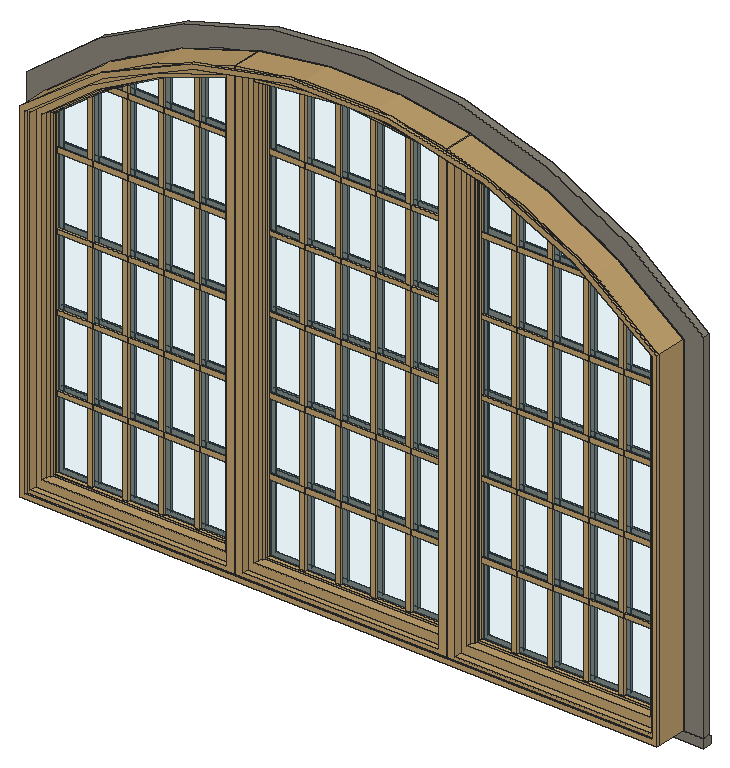
Revit family
Parameters (values of type "3W CUCART25/6/26")
  Window Type = "Clad Ultimate Casement Round Top 3W RT25/6/26"
  Width Side Unit = (Width - Width Center Unit - (Mull Space * 2)) / 2  # 2' - 8"
  Width Center Unit = 2' - 8"
  URL = "www.marvin.com"
  Swing Offset 2 = Arc Height Center + 0' 0 3/8"  # 0' - 2.27755"
  Swing Offset = Arc Height Side + 0' 1 5/32"  # 0' - 3.0588"
  Subsill Height_2 = if(Subsill A217, 0' 1 11/32", 0' 0 9/16")  # 0' - 1 11/32"
  Subsill Height = if(Subsill A217 Visibility, 0' 1 11/32", if(Subsill A246 Visibility, 0' 0 9/16", 0' 0"))  # 0' - 1 11/32"
  Subsill A246 Visibility = and(Subsill Visibility, Subsill A246)  # no
  Subsill A217 Visibility = and(Subsill Visibility, Subsill A217)  # yes
  RO Radius Constraint = if(RO Radius > (Rough Width / 2) + 0' 2", RO Radius, (Rough Width / 2) + 0' 2")  # 6' - 0 1/2"
  RO Radius = 6' - 0 1/2"
  Plan Swing Angle [instance] = 15.00°
  Muntins Interior Visibility = yes
  Muntins Interior Material = Wood-Marvin-Pine
  Muntins Exterior Visibility = yes
  Muntins Exterior Material = Aluminum-Marvin-Bronze
  Mull Space visibility = Mull Space > 0' 0"  # no
  Mull Space = 0' - 0"
  Mull Offset = if(Mull Space > 0' 0", 0' 0", 0' 0 1/32")  # 0' - 0 1/32"
  Mask Offset [instance] = if(Inset to Installation Flange = 0' 1 3/32", 0' 0 1/32", 0' 0")  # 0' - 0"
  Lites Wide Side = 5
  Lites Wide Center = 5
  Lites High = 6
  Label Egress = if(and(Width > 2' 3 1/8", Height > 4' 5"), "EGRESS WDW", "")  # "EGRESS WDW"
  Interior Material = Wood-Marvin-Pine
  Frame = "Aluminum Clad"
  Flat Casing Visibility = and(Casing Visibility, Flat Casing)  # yes
  Egress Window = ""
  Design Pressure = "DP50"
  Daylight Area = ((DLO Height - DLO Arc Height) * DLO Width + DLO Segment Area) - (((0' 5 13/16" + Mull Space) * 2) * DLO Height Center)  # 32.4799 SF
  DLO Width Center = Width Center Unit - 0' 5 13/16"  # 2' - 2 3/16"
  DLO Width = Width - 0' 5 13/16"  # 7' - 6 3/16"
  DLO Height Center = Height - Arc Height Center - 0' 5 13/16"  # 5' - 3.40995"
  DLO Arc Height = DLO Radius - sqrt((DLO Radius ^ 2) - ((DLO Width / 2) ^ 2))  # 1' - 4.74396"
  Cladding Material = Aluminum-Marvin-Bronze
  Center Offset = Width Center Unit + (Mull Space * 2)  # 2' - 8"
  Casing Width_2 = if(BMC, 0' 1 5/16", 0' 3")  # 0' - 3"
  Casing Visibility = yes
  Subsill Visibility = yes
  BMC Visibility = and(Casing Visibility, BMC)  # no
  BMC = no
  Flat Casing = not(BMC)  # yes
  Subsill A246 = no
  Subsill A217 = not(Subsill A246)  # yes
  Plan Swing RH Center Unit [instance] = no
  Plan Swing LH Center Unit [instance] = no
  Plan Swing Side Units [instance] = yes
  Glazing Material = Glass-Marvin-IG Low E II with Argon
  Radius = RO Radius Constraint - 0' 0 1/2"  # 6' - 0"
  Nominal Width = 8' - 0"
  Nominal Height = 6' - 0"
  Model = "3W CUCART25/6/26"
  Mask [instance] = Inset to Installation Flange > 0' 1 3/32"  # no
  Manufacturer = "Marvin Windows and Doors"
  Label Visibility = no
  Glass Type = "IG Low E II with Argon"
  Family created by = "www.rbuiltcomponents.com"
  Rough Width = Width + 0' 1"  # 8' - 1"
  Rough Height = Height + 0' 0 1/2"  # 5' - 11 5/8"
  Jamb Extension Visibility = yes
  Inset to Installation Flange [instance] = 0' - 1"
  Height = Nominal Height - 0' 0 7/8"  # 5' - 11 1/8"
  Elev Swing RH Center Unit [instance] = no
  Elev Swing LH Center Unit [instance] = no
  Elev Swing Side Units [instance] = yes
  Description = "3W CSMT RT25/6/26"
  Default Head Height = 8' - 0"
  Wall Closure = (empty or 0)
  Width = Nominal Width  # 8' - 0"
  DLO Radius = Radius - 0' 2 29/32"  # 5' - 9 3/32"
  DLO Width Side = Width Side Unit - 0' 5 13/16"  # 2' - 2 3/16"
  DLO Height = Height - 0' 5 13/16"  # 5' - 5 5/16"
  Casing Width = if(BMC Visibility, 0' 1 5/16", if(Flat Casing Visibility, 0' 3", 0' 0"))  # 0' - 3"
  Casing Radius = Radius + Casing Width  # 6' - 3"
  Assembly Code = ""
  DLO Segment Area = ((DLO Radius ^ 2) / 2 * ((3.1416 / 180) * Angle Sector2 - sin(Angle Sector)) / 2) * 2  # 7.18032 SF
  Arc Height Swing = RO Radius Constraint - sqrt((RO Radius Constraint ^ 2) - (((Rough Width - Width Side Unit) / 2) ^ 2))  # 0' - 7.69259"
  Arc Height Side = RO Radius Constraint - sqrt((RO Radius Constraint ^ 2) - (((Width Center Unit + (Mull Space * 2) + 0' 1") / 2) ^ 2))  # 0' - 1.90255"
  Arc Height Center = RO Radius Constraint - sqrt((RO Radius Constraint ^ 2) - (((Width Center Unit + 0' 1") / 2) ^ 2))  # 0' - 1.90255"
  Arc Height = RO Radius Constraint - sqrt((RO Radius Constraint ^ 2) - ((Rough Width / 2) ^ 2))  # 1' - 6.61123"
  Angle Sector2 = Angle Sector * 1 / 1.00°  # 81.4828
  Angle Sector = 2 * acos((DLO Radius - DLO Arc Height) / DLO Radius)  # 81.4828°
Reference planes (in)
  plane 1 "Center (Front/Back)": y = 0
  plane 2: z = 0
  plane 3 "Center (Left/Right)": x = -3
  plane 4 "Left": x = -51
  plane 5 "Right": x = 45
  plane 6 "Sill": z = 24.875
  plane 7 "Top": z = 96
  plane 8 "Inset": y = 2
  plane 9 "Glazing": y = 1.53125
  plane 10 "Jamb Ext Face": y = -2.5625
  plane 11: z = 77.8887743
  plane 12: z = 60.4375
  plane 13: z = 96.5
  plane 14: x = 45.5
  plane 15: x = -51.5
  plane 16: z = 51.3818872
  plane 17: x = 29
  plane 18: x = -35
  plane 19: x = 13
  plane 20: x = -19
  plane 21: x = -19
  plane 22: x = 13
  plane 23: y = -2.59375
Forms (in)
  Extrusion 1, void
    sketch origin (0, 0, 0) x (1, 0, 0) y (0, 0, 1)
      loop
        line (45, 24.875) -> (45, 77.6656315)
        arc (45, 77.6656315) -> (-3, 96) -> (-51, 77.6656315) r 72
        line (-51, 77.6656315) -> (-51, 24.875) -> (45, 24.875)
    from -2 to 3
  Extrusion 2, void
    sketch origin (0, 0, 0) x (1, 0, 0) y (0, 0, 1)
      loop
        line (48, 23.53125) -> (48, 78.9909083)
        arc (48, 78.9909083) -> (-3, 99) -> (-54, 78.9909083) r 75
        line (-54, 78.9909083) -> (-54, 23.53125) -> (48, 23.53125)
    from -2 to -3.1275557
  Sweep 3, solid, material "Aluminum-Marvin-Bronze" <- "Cladding Material", visible <- "BMC Visibility"
    path origin (0, 2, 0) x (1, 0, 0) y (0, 0, 1)
      loop
        line (45, 24.875) -> (45, 77.6656315)
        arc (45, 77.6656315) -> (-3, 96) -> (-51, 77.6656315) r 72
        line (-51, 77.6656315) -> (-51, 24.875)
    profile "BMC_Clad : BMC_Clad" origin (-51, 2, 51.2703157) x (1, 0, 0) y (0, -1, 0)
      loop
        line (-0.7158854, -1.25) -> (-0.3808062, -1.09375) -> (0, -1.09375) -> (0, 0) -> (-1.3125, 0) -> (-1.3125, -1.25) -> (-0.7158854, -1.25)
  Sweep 4, solid, material "Aluminum-Marvin-Bronze" <- "Cladding Material", visible <- "Flat Casing Visibility"
    path origin (0, 2, 0) x (1, 0, 0) y (0, 0, 1)
      loop
        line (-51, 24.875) -> (-51, 77.6656315)
        arc (-51, 77.6656315) -> (-3, 96) -> (45, 77.6656315) r 72
        line (45, 77.6656315) -> (45, 24.875)
    profile "Flat_Casing_Clad : Flat_Casing_Clad" origin (45, 2, 51.2703157) x (1, 0, 0) y (0, -1, 0)
      loop
        line (3, -1.09375) -> (3, 0) -> (0, 0) -> (0, -1.09375) -> (3, -1.09375)
  Sweep 5, solid, material "Aluminum-Marvin-Bronze" <- "Cladding Material", visible <- "Subsill Visibility"
    path origin (0, 2, 0) x (1, 0, 0) y (0, 0, 1)
      loop
        line (48, 24.875) -> (-54, 24.875)
    profile origin (-3, 2, 24.875) x (0, 0, -1) y (0, -1, 0)
      loop
        line (0, 0) -> (0, -1.0940081) -> (0.1526523, -1.0940081) -> (0.1875, -1.34375) -> (1.34375, -1.34375) -> (1.34375, 0) -> (0, 0)
  Extrusion 6, solid, material "Wood-Marvin-Pine" <- "Interior Material", visible <- "Jamb Extension Visibility"
    sketch origin (0, -2.5625, 0) x (1, 0, 0) y (0, 0, 1)
      loop
        line (-51, 24.875) -> (45, 24.875) -> (45, 77.6656315)
        arc (45, 77.6656315) -> (-3, 96) -> (-51, 77.6656315) r 72
        line (-51, 77.6656315) -> (-51, 24.875)
      loop
        arc (44.3125, 77.3193838) -> (-3, 95.2841451) -> (-50.3125, 77.3193838) r 71.2841451
        line (-50.3125, 77.3193838) -> (-50.3125, 25.5625) -> (44.3125, 25.5625) -> (44.3125, 77.3193838)
    from 0.4375 to 0.03125
  Extrusion 7, solid, material "Wood-Marvin-Pine" <- "Interior Material", visible <- "Mull Space visibility"
    sketch origin (0, -2.5625, 0) x (1, 0, 0) y (0, 0, 1)
      loop
        arc (-18.96875, 94.2068303) -> (-19.0000016, 94.1997147) -> (-19.03125, 94.1925852) r 72
        line (-19.03125, 94.1925852) -> (-19.03125, 24.875) -> (-18.96875, 24.875) -> (-18.96875, 94.2068303)
      loop
        line (12.96875, 94.2068303) -> (12.96875, 24.875) -> (13.03125, 24.875) -> (13.03125, 94.1925852)
        arc (13.03125, 94.1925852) -> (13.0000016, 94.1997147) -> (12.96875, 94.2068303) r 72
    from -5.6565081 to 0
  Sweep 8, solid, material "Wood-Marvin-Pine" <- "Interior Material"
    path origin (0, 2, 0) x (1, 0, 0) y (0, 0, 1)
      loop
        line (13, 24.875) -> (45, 24.875) -> (45, 77.6656315)
        arc (45, 77.6656315) -> (30.0506275, 87.9660536) -> (13, 94.1997151) r 72
        line (13, 94.1997151) -> (13, 24.875)
    profile "Profile_Ext_Clad_Frame : Profile_Ext_Clad_Frame" origin (29, 2, 24.875) x (0, 0, 1) y (0, -1, 0)
      loop
        line (0, 4.5619919) -> (0, 0.0625) -> (0.0625, 0.0625) -> (0.0625, 0) -> (0, 0) -> (0, -1.0940081) -> (0.5210547, -1.0940081) -> (0.6062961, 0.125) -> (2.696, 0.125) -> (2.696, 0.2201744) -> (2.90625, 0.4304244) -> (2.90625, 0.4729672) -> (2.208, 0.4729672) -> (2.208, 1.5029919) -> (2.90625, 1.5029919) -> (2.90625, 1.6637419) -> (2.677, 1.8929919) -> (2.677, 2) -> (2.5005, 2) -> (2.5005, 2.3439919) -> (2.313, 2.3439919) -> (2.313, 2.8744919) -> (2.1255, 2.8744919) -> (2.1255, 3.5307419) -> (1.188, 3.5307419) -> (1.188, 4.5619919) -> (0, 4.5619919)
  Sweep 9, solid, material "Wood-Marvin-Pine" <- "Interior Material"
    path origin (0, 2, 0) x (1, 0, 0) y (0, 0, 1)
      loop
        line (-19, 24.875) -> (-19, 94.1997151)
        arc (-19, 94.1997151) -> (-36.0506275, 87.9660536) -> (-51, 77.6656315) r 72
        line (-51, 77.6656315) -> (-51, 24.875) -> (-19, 24.875)
    profile "Profile_Ext_Clad_Frame : Profile_Ext_Clad_Frame" origin (-19, 2, 59.5373575) x (-1, 0, 0) y (0, -1, 0)
      loop
        line (0, 4.5619919) -> (0, 0.0625) -> (0.0625, 0.0625) -> (0.0625, 0) -> (0, 0) -> (0, -1.0940081) -> (0.5210547, -1.0940081) -> (0.6062961, 0.125) -> (2.696, 0.125) -> (2.696, 0.2201744) -> (2.90625, 0.4304244) -> (2.90625, 0.4729672) -> (2.208, 0.4729672) -> (2.208, 1.5029919) -> (2.90625, 1.5029919) -> (2.90625, 1.6637419) -> (2.677, 1.8929919) -> (2.677, 2) -> (2.5005, 2) -> (2.5005, 2.3439919) -> (2.313, 2.3439919) -> (2.313, 2.8744919) -> (2.1255, 2.8744919) -> (2.1255, 3.5307419) -> (1.188, 3.5307419) -> (1.188, 4.5619919) -> (0, 4.5619919)
  Extrusion 10, solid, material "Glass-Marvin-IG Low E II with Argon" <- "Glazing Material"
    sketch origin (0, 1.53125, 0) x (1, 0, 0) y (0, 0, 1)
      loop
        line (42.792, 27.083) -> (42.792, 76.6689282)
        arc (42.792, 76.6689282) -> (29.8339338, 85.5861677) -> (15.208, 91.3750102) r 69.792
        line (15.208, 91.3750102) -> (15.208, 27.083) -> (42.792, 27.083)
      loop
        line (-21.208, 27.083) -> (-21.208, 91.3750102)
        arc (-21.208, 91.3750102) -> (-35.8339338, 85.5861677) -> (-48.792, 76.6689282) r 69.792
        line (-48.792, 76.6689282) -> (-48.792, 27.083) -> (-21.208, 27.083)
      loop
        line (10.792, 27.083) -> (10.792, 92.4156707)
        arc (10.792, 92.4156707) -> (-3, 93.792) -> (-16.792, 92.4156707) r 69.792
        line (-16.792, 92.4156707) -> (-16.792, 27.083) -> (10.792, 27.083)
    from 0 to 1.0342419
  Sweep 11, solid, material "Wood-Marvin-Pine" <- "Interior Material"
    path in 3D
      loop
        line (-48.8745, -1.5307419, 27.0005) -> (-21.1255, -1.5307419, 27.0005)
    profile "Profile_Sill_Close : Profile_Sill_Close" origin (-35, -1.5307419, 27.0005) x (0, 1, 0) y (0, 0, 1)
      loop
        line (0, 0) -> (0.65625, 0) -> (0.65625, 0.1875) -> (1.18675, 0.1875) -> (1.18675, 0.375) -> (0, 0.375) -> (0, 0)
  Sweep 12, solid, material "Wood-Marvin-Pine" <- "Interior Material"
    path in 3D
      loop
        line (15.1255, -1.5307419, 27.0005) -> (42.8745, -1.5307419, 27.0005)
    profile "Profile_Sill_Close : Profile_Sill_Close" origin (29, -1.5307419, 27.0005) x (0, 1, 0) y (0, 0, 1)
      loop
        line (0, 0) -> (0.65625, 0) -> (0.65625, 0.1875) -> (1.18675, 0.1875) -> (1.18675, 0.375) -> (0, 0.375) -> (0, 0)
  Sweep 13, solid, material "Wood-Marvin-Pine" <- "Interior Material"
    path origin (0, 2, 0) x (1, 0, 0) y (0, 0, 1)
      loop
        line (-19, 24.875) -> (13, 24.875) -> (13, 94.1997151)
        arc (13, 94.1997151) -> (-3, 96) -> (-19, 94.1997151) r 72
        line (-19, 94.1997151) -> (-19, 24.875)
    profile "Profile_Ext_Clad_Frame : Profile_Ext_Clad_Frame" origin (-3, 2, 24.875) x (0, 0, 1) y (0, -1, 0)
      loop
        line (0, 4.5619919) -> (0, 0.0625) -> (0.0625, 0.0625) -> (0.0625, 0) -> (0, 0) -> (0, -1.0940081) -> (0.5210547, -1.0940081) -> (0.6062961, 0.125) -> (2.696, 0.125) -> (2.696, 0.2201744) -> (2.90625, 0.4304244) -> (2.90625, 0.4729672) -> (2.208, 0.4729672) -> (2.208, 1.5029919) -> (2.90625, 1.5029919) -> (2.90625, 1.6637419) -> (2.677, 1.8929919) -> (2.677, 2) -> (2.5005, 2) -> (2.5005, 2.3439919) -> (2.313, 2.3439919) -> (2.313, 2.8744919) -> (2.1255, 2.8744919) -> (2.1255, 3.5307419) -> (1.188, 3.5307419) -> (1.188, 4.5619919) -> (0, 4.5619919)
  Sweep 14, solid, material "Wood-Marvin-Pine" <- "Interior Material"
    path in 3D
      loop
        line (-16.8745, -1.5307419, 27.0005) -> (10.8745, -1.5307419, 27.0005)
    profile "Profile_Sill_Close : Profile_Sill_Close" origin (-3, -1.5307419, 27.0005) x (0, 1, 0) y (0, 0, 1)
      loop
        line (0, 0) -> (0.65625, 0) -> (0.65625, 0.1875) -> (1.18675, 0.1875) -> (1.18675, 0.375) -> (0, 0.375) -> (0, 0)
Cuts and joins
  joined: Sweep 9, Sweep 11
  joined: Sweep 8, Sweep 12
  joined: Sweep 13, Sweep 14
Lines and regions (in)
  Masking region 1
    outline origin (0, 0, 24.875) x (0, -1, 0) y (1, 0, 0)
      loop
        line (-3.0940081, -51) -> (2.5625, -51) -> (2.5625, 45) -> (-3.0940081, 45) -> (-3.0940081, -51)
  Masking region 2
    outline origin (-3, 0, 0) x (0, 1, 0) y (0, 0, 1)
      loop
        line (3.09375, 96) -> (-2.5625, 96) -> (-2.5625, 24.875) -> (3.09375, 24.875) -> (3.09375, 96)
  Masking region 3, visible <- "Mask"
    outline origin (0, 0, 24.875) x (0, -1, 0) y (1, 0, 0)
      loop
        line (-3.0940081, -54) -> (-3, -54) -> (-3, 48) -> (-3.0940081, 48) -> (-3.0940081, -54)
  Masking region 4, visible <- "Mask"
    outline origin (-3, 0, 0) x (0, 1, 0) y (0, 0, 1)
      loop
        line (3.09375, 99) -> (3, 99) -> (3, 23.53125) -> (3.09375, 23.53125) -> (3.09375, 99)
  Masking region 5, visible <- "Casing Visibility"
    outline origin (0, 0, 24.875) x (0, -1, 0) y (1, 0, 0)
      loop
        line (-3.0940081, -54) -> (-2, -54) -> (-2, -51) -> (-3.0940081, -51) -> (-3.0940081, -54)
      loop
        line (-3.0940081, 45) -> (-2, 45) -> (-2, 48) -> (-3.0940081, 48) -> (-3.0940081, 45)
  Masking region 6, visible <- "Subsill Visibility"
    outline origin (-3, 0, 0) x (0, 1, 0) y (0, 0, 1)
      loop
        line (3.34375, 23.53125) -> (3.34375, 24.6875) -> (3.0940081, 24.7223477) -> (3.0940081, 24.875) -> (2, 24.875) -> (2, 23.53125) -> (3.34375, 23.53125)
  Masking region 7, visible <- "Casing Visibility"
    outline origin (-3, 0, 0) x (0, 1, 0) y (0, 0, 1)
      loop
        line (3.09375, 99) -> (2, 99) -> (2, 96) -> (3.09375, 96) -> (3.09375, 99)
  Masking region 8
    outline origin (0, 0, 24.875) x (0, -1, 0) y (1, 0, 0)
      loop
        line (2.59375, -51) -> (3, -51) -> (3, 45) -> (2.59375, 45) -> (2.59375, -51)
  Masking region 9
    outline origin (-3, 0, 0) x (0, 1, 0) y (0, 0, 1)
      loop
        line (-2.59375, 96) -> (-3, 96) -> (-3, 24.875) -> (-2.59375, 24.875) -> (-2.59375, 96)
  symbolic lines, style "Jamb Extension", visible <- "Jamb Extension Visibility", detail levels fine
    curve 1: line (-3, -3, 95.3125) -> (-3, -2.59375, 95.3125)
    curve 2: line (-3, -3, 25.5625) -> (-3, -2.59375, 25.5625)
    curve 48: line (-50.3125, -2.59375, 24.875) -> (-50.3125, -3, 24.875)
    curve 49: line (44.3125, -3, 24.875) -> (44.3125, -2.59375, 24.875)
    curve 50: line (45, -3, 24.875) -> (44.3125, -3, 24.875)
    curve 51: line (-50.3125, -3, 24.875) -> (-51, -3, 24.875)
  symbolic lines, style "WindowsFrameMullionProjection", detail levels coarse+medium
    curve 3: line (45, -2.5625, 24.875) -> (43.812, -2.5625, 24.875)
    curve 4: line (43.812, -2.5625, 24.875) -> (43.812, 3.0940081, 24.875)
    curve 5: line (43.812, 3.0940081, 24.875) -> (45, 3.0940081, 24.875)
    curve 6: line (43.812, 1.875, 24.875) -> (42.09375, 1.875, 24.875)
    curve 7: line (42.09375, 1.875, 24.875) -> (42.09375, 0, 24.875)
    curve 8: line (-49.812, 0, 24.875) -> (-48.09375, 0, 24.875)
    curve 9: line (-51, -2.5625, 24.875) -> (-49.812, -2.5625, 24.875)
    curve 10: line (-49.812, -2.5625, 24.875) -> (-49.812, 3.0940081, 24.875)
    curve 11: line (-49.812, 3.0940081, 24.875) -> (-51, 3.0940081, 24.875)
    curve 12: line (-48.09375, 1.875, 24.875) -> (-48.09375, 0, 24.875)
    curve 13: line (-3, 3.0940081, 96) -> (-3, 3.0940081, 94.812)
    curve 14: line (-3, 3.0940081, 94.812) -> (-3, -2.5625, 94.812)
    curve 15: line (-3, -2.5625, 94.812) -> (-3, -2.5625, 96)
    curve 16: line (-3, 1.875, 94.812) -> (-3, 1.875, 93.09375)
    curve 17: line (-3, 1.875, 93.09375) -> (-3, 0, 93.09375)
    curve 18: line (-3, 0, 26.063) -> (-3, 0, 27.78125)
    curve 19: line (-3, 3.0940081, 24.875) -> (-3, 3.0940081, 26.063)
    curve 20: line (-3, 3.0940081, 26.063) -> (-3, -2.5625, 26.063)
    curve 21: line (-3, -2.5625, 26.063) -> (-3, -2.5625, 24.875)
    curve 22: line (-3, 1.875, 27.78125) -> (-3, 0, 27.78125)
    curve 23: line (42.09375, 1.875, 24.875) -> (15.90625, 1.875, 24.875)
    curve 24: line (42.09375, 0, 24.875) -> (43.812, 0, 24.875)
    curve 25: line (-48.09375, 1.875, 24.875) -> (-49.812, 1.875, 24.875)
    curve 26: line (-3, 0, 27.78125) -> (-3, 0, 93.09375)
    curve 27: line (-3, 1.875, 27.78125) -> (-3, 1.875, 26.063)
    curve 28: line (-3, 0, 93.09375) -> (-3, 0, 94.812)
    curve 29: line (-3, 1.875, 93.09375) -> (-3, 1.875, 27.78125)
    curve 37: line (-48.09375, 0, 24.875) -> (-21.84375, 0, 24.875)
    curve 72: line (-3, -3, 96) -> (-3, 3.09375, 96)
    curve 83: line (-51, 3.09375, 24.875) -> (-51, -3, 24.875)
    curve 91: line (45, 3.09375, 24.875) -> (45, -3, 24.875)
    curve 92: line (-20.1875, 0, 24.875) -> (-21.90625, 0, 24.875)
    curve 93: line (-17.812, -2.5625, 24.875) -> (-20.1875, -2.5625, 24.875)
    curve 94: line (-20.1875, -2.5625, 24.875) -> (-20.1875, 3.0940081, 24.875)
    curve 95: line (-20.1875, 3.0940081, 24.875) -> (-17.812, 3.0940081, 24.875)
    curve 96: line (-21.90625, 1.875, 24.875) -> (-21.90625, 0, 24.875)
    curve 97: line (-21.90625, 1.875, 24.875) -> (-20.1875, 1.875, 24.875)
    curve 98: line (14.1875, 0, 24.875) -> (15.90625, 0, 24.875)
    curve 99: line (11.84375, -2.5625, 24.875) -> (14.1875, -2.5625, 24.875)
    curve 100: line (14.1875, -2.5625, 24.875) -> (14.1875, 3.0940081, 24.875)
    curve 101: line (14.1875, 3.0940081, 24.875) -> (11.84375, 3.0940081, 24.875)
    curve 102: line (15.90625, 1.875, 24.875) -> (15.90625, 0, 24.875)
    curve 103: line (15.90625, 1.875, 24.875) -> (14.1875, 1.875, 24.875)
    curve 105: line (-21.84375, 1.875, 24.875) -> (-48.09375, 1.875, 24.875)
    curve 106: line (15.90625, 0, 24.875) -> (42.09375, 0, 24.875)
    curve 114: line (-19, 3.0940081, 24.875) -> (-19, -2.5625, 24.875)
    curve 115: line (-19.03125, -2.5625, 24.875) -> (-19.03125, 3.0940081, 24.875)
    curve 116: line (12.96875, -2.5625, 24.875) -> (12.96875, 3.0940081, 24.875)
    curve 117: line (13.03125, 3.0940081, 24.875) -> (13.03125, -2.5625, 24.875)
    curve 125: line (-17.812, -2.5625, 24.875) -> (-17.812, 3.0940081, 24.875)
    curve 126: line (-17.812, 1.875, 24.875) -> (-16.09375, 1.875, 24.875)
    curve 127: line (-16.09375, 1.875, 24.875) -> (-16.09375, 0, 24.875)
    curve 128: line (-16.09375, 0, 24.875) -> (-17.812, 0, 24.875)
    curve 129: line (11.84375, -2.5625, 24.875) -> (11.84375, 3.0940081, 24.875)
    curve 130: line (11.84375, 1.875, 24.875) -> (10.09375, 1.875, 24.875)
    curve 131: line (10.09375, 1.875, 24.875) -> (10.09375, 0, 24.875)
    curve 132: line (10.09375, 0, 24.875) -> (11.84375, 0, 24.875)
    curve 136: line (-16.09375, 1.875, 24.875) -> (10.09375, 1.875, 24.875)
    curve 137: line (-16.09375, 0, 24.875) -> (10.09375, 0, 24.875)
  symbolic lines, style "Jamb Extension", visible <- "Jamb Extension Visibility"
    curve 30: line (-3, -3, 25.5625) -> (-3, -3, 24.875)
    curve 31: line (-3, -3, 95.3125) -> (-3, -3, 96)
  symbolic lines, style "WindowsFrameMullionProjection", visible <- "Jamb Extension Visibility", detail levels coarse+medium
    curve 32: line (-3, -2.59375, 95.3125) -> (-3, -3, 95.3125)
    curve 33: line (-3, -3, 95.3125) -> (-3, -3, 96)
    curve 34: line (-3, -2.59375, 25.5625) -> (-3, -3, 25.5625)
    curve 35: line (-3, -3, 25.5625) -> (-3, -3, 24.875)
    curve 52: line (-50.3125, -2.59375, 24.875) -> (-50.3125, -3, 24.875)
    curve 53: line (-51, -3, 24.875) -> (-50.3125, -3, 24.875)
    curve 54: line (44.3125, -3, 24.875) -> (44.3125, -2.59375, 24.875)
    curve 55: line (44.3125, -3, 24.875) -> (45, -3, 24.875)
  symbolic lines, style "WindowsGlassProjection", detail levels coarse+medium
    curve 36: line (-48.09375, 0.9375, 24.875) -> (-21.90625, 0.9375, 24.875)
    curve 68: line (-3, 0.9375, 27.78125) -> (-3, 0.9375, 93.09375)
    curve 104: line (15.90625, 0.9375, 24.875) -> (42.09375, 0.9375, 24.875)
    curve 135: line (-16.09375, 0.9375, 24.875) -> (10.09375, 0.9375, 24.875)
  symbolic lines, style "Jamb Extension", visible <- "BMC Visibility", detail levels fine
    curve 38: line (-52.3125, 3.25, 24.875) -> (-51.7158854, 3.25, 24.875)
    curve 39: line (-51.7158854, 3.25, 24.875) -> (-51.3808062, 3.09375, 24.875)
    curve 40: line (-52.3125, 3.0940081, 24.875) -> (-52.3125, 3.25, 24.875)
    curve 41: line (45.7158854, 3.25, 24.875) -> (46.3125, 3.25, 24.875)
    curve 42: line (45.3808062, 3.09375, 24.875) -> (45.7158854, 3.25, 24.875)
    curve 43: line (46.3125, 3.25, 24.875) -> (46.3125, 3.0940081, 24.875)
    curve 44: line (-51.3808062, 3.09375, 24.875) -> (-51, 3.09375, 24.875)
    curve 45: line (45.3808062, 3.09375, 24.875) -> (45, 3.09375, 24.875)
    curve 74: line (-3, 3.25, 96.6514392) -> (-3, 3.25, 99)
    curve 75: line (-3, 3.09375, 96) -> (-3, 3.09375, 96.3808062)
    curve 76: line (-3, 3.09375, 96.3808062) -> (-3, 3.25, 96.6514392)
    curve 77: line (-3, 3.25, 99) -> (-3, 3.09375, 99)
  symbolic lines, style "Jamb Extension", visible <- "Flat Casing Visibility", detail levels fine
    curve 46: line (-51, 3.0940081, 24.875) -> (-54, 3.0940081, 24.875)
    curve 47: line (48, 3.0940081, 24.875) -> (45, 3.0940081, 24.875)
    curve 81: line (-3, 3.09375, 96) -> (-3, 3.09375, 99)
    curve 82: line (-3, 3.09375, 99) -> (-3, 2, 99)
  symbolic lines, style "WindowsFrameMullionProjection", visible <- "BMC Visibility", detail levels coarse+medium
    curve 56: line (-52.3125, 2, 24.875) -> (-52.3125, 3.25, 24.875)
    curve 57: line (-52.3125, 3.25, 24.875) -> (-51.7158854, 3.25, 24.875)
    curve 58: line (-51.7158854, 3.25, 24.875) -> (-51.3808062, 3.09375, 24.875)
    curve 59: line (-51.3808062, 3.09375, 24.875) -> (-51, 3.09375, 24.875)
    curve 60: line (46.3125, 3.25, 24.875) -> (46.3125, 2, 24.875)
    curve 61: line (45.3808062, 3.09375, 24.875) -> (45.7158854, 3.25, 24.875)
    curve 62: line (45.7158854, 3.25, 24.875) -> (46.3125, 3.25, 24.875)
    curve 63: line (45, 3.09375, 24.875) -> (45.3808062, 3.09375, 24.875)
    curve 69: line (-3, 3.25, 96.6514392) -> (-3, 3.25, 99)
    curve 70: line (-3, 3.09375, 96) -> (-3, 3.09375, 96.3808062)
    curve 71: line (-3, 3.09375, 96.3808062) -> (-3, 3.25, 96.6514392)
    curve 73: line (-3, 3.25, 99) -> (-3, 2, 99)
  symbolic lines, style "WindowsFrameMullionProjection", visible <- "Flat Casing Visibility", detail levels coarse+medium
    curve 64: line (48, 3.0940081, 24.875) -> (45, 3.0940081, 24.875)
    curve 65: line (48, 3.0940081, 24.875) -> (48, 2, 24.875)
    curve 66: line (-54, 2, 24.875) -> (-54, 3.0940081, 24.875)
    curve 67: line (-51, 3.0940081, 24.875) -> (-54, 3.0940081, 24.875)
    curve 79: line (-3, 3.09375, 96) -> (-3, 3.09375, 99)
    curve 80: line (-3, 3.09375, 99) -> (-3, 2, 99)
  symbolic lines, style "WindowsFrameMullionProjection", visible <- "Casing Visibility", detail levels coarse+medium
    curve 78: line (-3, 2, 99) -> (-3, 2, 96)
  symbolic lines, style "WindowsFrameMullionProjection", visible <- "Subsill Visibility", detail levels coarse+medium
    curve 84: line (-3, 3.0940081, 24.7223477) -> (-3, 3.0940081, 24.875)
    curve 85: line (-3, 3.34375, 24.6875) -> (-3, 3.0940081, 24.7223477)
    curve 86: line (-3, 3.34375, 23.53125) -> (-3, 3.34375, 24.6875)
    curve 87: line (-3, 2, 23.53125) -> (-3, 3.34375, 23.53125)
  reference lines
    curve 88: arc (45.5, 2, 77.8887743) -> (-3, 2, 96.5) -> (-51.5, 2, 77.8887743) r 72.5
    curve 89: arc (45.1967213, 2, 77.4890274) -> (-3, 2, 96) -> (-51.1967213, 2, 77.4890274) r 72
    curve 90: arc (-53.0163934, 2, 79.8870324) -> (-3, 2, 99) -> (47.0163934, 2, 79.8870324) r 75
  symbolic lines, style "Jamb Extension", visible <- "Mull Space visibility", detail levels fine
    curve 107: line (13.03125, -2.5625, 24.875) -> (11.84375, -2.5625, 24.875)
  sketch lines
    curve 108: line (-48.8745, -1.5307419, 27.0005) -> (-21.1255, -1.5307419, 27.0005)
    curve 109: line (15.1255, -1.5307419, 27.0005) -> (42.8745, -1.5307419, 27.0005)
    curve 120: line (-16.8745, -1.5307419, 27.0005) -> (10.8745, -1.5307419, 27.0005)
  symbolic lines, style "Elevation Swing", visible <- "Elev Swing Side Units"
    curve 110: line (13.6062961, 2, 25.4812961) -> (44.3937039, 2, 60.4375)
    curve 111: line (44.3937039, 2, 60.4375) -> (13.6062961, 2, 93.4412004)
    curve 112: line (-19.6062961, 2, 25.4812961) -> (-50.3937039, 2, 60.4375)
    curve 113: line (-50.3937039, 2, 60.4375) -> (-19.6062961, 2, 93.4412004)
  symbolic lines, style "Jamb Extension", detail levels fine
    curve 118: line (12.4789453, 3.0940081, 24.875) -> (13.5210547, 3.0940081, 24.875)
    curve 119: line (14.1875, -2.5625, 24.875) -> (11.84375, -2.5625, 24.875)
    curve 133: line (-19.5210547, 3.0940081, 24.875) -> (-18.4789453, 3.0940081, 24.875)
    curve 134: line (-17.812, -2.5625, 24.875) -> (-20.1875, -2.5625, 24.875)
  symbolic lines, style "Elevation Swing", visible <- "Elev Swing RH Center Unit"
    curve 121: line (12.3937039, 2, 25.4812961) -> (-18.3937039, 2, 60.4375)
    curve 124: line (-18.3937039, 2, 60.4375) -> (12.3937039, 2, 93.7224504)
  symbolic lines, style "Elevation Swing", visible <- "Elev Swing LH Center Unit"
    curve 122: line (-18.3937039, 2, 25.4812961) -> (12.3937039, 2, 60.4375)
    curve 123: line (12.3937039, 2, 60.4375) -> (-18.3937039, 2, 93.7224504)
Text (in)
  text "EXTERIOR" at (-58.6887958, 50.9069435, 0), in view "Ref. Level"
  text "INTERIOR" at (-58.6887958, -37.7663834, 0), in view "Ref. Level"
  text "Exterior" at (0, 43.6563107, 123.1960383), in view "Left"
  text "Exterior" at (0, 18.2938457, 125.0474676), in view "Right"
Dimensions and locks (in)
  equal spacing: plane 4 "Left", plane 3 "Center (Left/Right)", plane 5 "Right"
  "Width": plane 4 "Left" to plane 5 "Right"
  "Height": plane 6 "Sill" to plane 7 "Top"
  "Inset to Installation Flange": host wall to plane 8 "Inset"
  locked: plane 9 "Glazing" to plane 8 "Inset" at 0.46875
  locked: plane 10 "Jamb Ext Face" to plane 8 "Inset" at 4.5625
  "Default Head Height": plane 2 to plane 7 "Top"
  locked: nested 2 to host wall at 12.0010645
  locked: curve 32 to plane 7 "Top" at 0.6875
  locked: plane 6 "Sill" to curve 34 at 0.6875
  equal spacing: plane 6 "Sill", plane 12, plane 7 "Top"
  "Subsill Height": Extrusion 2 sketch curve to plane 6 "Sill"
  "Casing Width": Extrusion 2 sketch curve to plane 4 "Left"
  "Casing Width": plane 5 "Right" to Sweep 5 sketch curve
  "Casing Width": Sweep 5 sketch curve to plane 4 "Left"
  locked: Sweep 5 sketch curve to Sweep 5 sketch curve at 1.34375
  "Subsill Height_2": Sweep 5 sketch curve to plane 6 "Sill"
  locked: plane 4 "Left" to Extrusion 6 sketch curve at 0.6875
  locked: Extrusion 6 sketch curve to plane 5 "Right" at 0.6875
  locked: Extrusion 6 sketch curve to plane 6 "Sill" at 0.6875
  "Casing Width": Masking region 3 sketch curve to plane 4 "Left"
  "Casing Width": plane 5 "Right" to Masking region 3 sketch curve
  "Casing Width_2": Masking region 5 sketch curve to plane 4 "Left"
  "Casing Width_2": plane 5 "Right" to Masking region 5 sketch curve
  locked: Extrusion 2 to host wall at 0.1275557
  "Subsill Height": Masking region 4 sketch curve to plane 6 "Sill"
  "Casing Width": plane 7 "Top" to Masking region 4 sketch curve
  "Casing Width_2": plane 7 "Top" to Masking region 7 sketch curve
  locked: plane 7 "Top" to plane 13 at 0.5
  "Arc Height": plane 11 to plane 13
  locked: plane 5 "Right" to plane 14 at 0.5
  locked: plane 15 to plane 4 "Left" at 0.5
  "Casing Width": plane 5 "Right" to Extrusion 2 sketch curve
  equal spacing: plane 6 "Sill", plane 16, plane 11
  "Width Center Unit": plane 21 to plane 22
  equal spacing: plane 4 "Left", plane 18, plane 20
  equal spacing: plane 19, plane 17, plane 5 "Right"
  "Mull Offset": Extrusion 7 sketch curve to plane 21
  "Mull Offset": plane 20 to Extrusion 7 sketch curve
  locked: nested 5 to plane 9 "Glazing" at 1.03125
  locked: plane 9 "Glazing" to nested 8 at 1.03125
  "Mull Space": plane 20 to plane 21
  "Mull Space": plane 22 to plane 19
  equal spacing: plane 21, plane 3 "Center (Left/Right)", plane 22
  "Mull Offset": plane 22 to Extrusion 7 sketch curve
  "Mull Offset": Extrusion 7 sketch curve to plane 19
  locked: curve 94 to plane 20 at 1.1875
  locked: plane 19 to curve 100 at 1.1875
  locked: curve 96 to plane 20 at 2.90625
  locked: plane 19 to curve 102 at 2.90625
  locked: nested 9 to plane 9 "Glazing" at 1.03125
  "Swing Offset": curve 113 to plane 13
  "Swing Offset 2": curve 124 to plane 7 "Top"
  "Swing Offset 2": curve 123 to plane 7 "Top"
  "Swing Offset": curve 111 to plane 13
  locked: plane 23 to plane 10 "Jamb Ext Face" at 0.03125
  "Mask Offset": Masking region 3 sketch curve to host wall
  "Mask Offset": Masking region 4 sketch curve to host wall
  "RO Radius Constraint": radius of curve 88
  "Radius": radius of curve 89
  "Casing Radius": radius of curve 90
  aligned and locked: plane 8 "Inset" to nested 1
  aligned and locked: plane 5 "Right" to Masking region 1 sketch curve
  aligned and locked: Masking region 1 sketch curve to plane 4 "Left"
  aligned and locked: plane 7 "Top" to Masking region 2 sketch curve
  aligned and locked: Masking region 2 sketch curve to plane 6 "Sill"
  aligned and locked: plane 3 "Center (Left/Right)" to nested 2
  aligned and locked: curve 21 to plane 10 "Jamb Ext Face"
  aligned and locked: plane 6 "Sill" to curve 30
  aligned and locked: curve 30 to host wall
  aligned and locked: host wall to curve 33
  aligned and locked: plane 6 "Sill" to curve 35
  aligned and locked: nested 3 to plane 6 "Sill"
  aligned and locked: curve 14 to nested 3
  aligned and locked: curve 13 to nested 3
  aligned and locked: curve 16 to nested 3
  aligned and locked: curve 28 to nested 3
  aligned and locked: curve 17 to nested 3
  aligned and locked: curve 19 to nested 3
  aligned and locked: curve 20 to nested 3
  aligned and locked: curve 22 to nested 3
  aligned and locked: curve 27 to nested 3
  aligned and locked: nested 3 to curve 18
  aligned and locked: Extrusion 1 to plane 8 "Inset"
  aligned and locked: host wall to Extrusion 1
  aligned and locked: Extrusion 1 sketch curve to plane 6 "Sill"
  aligned and locked: Extrusion 1 sketch curve to plane 4 "Left"
  aligned and locked: Sweep 3 sketch curve to plane 4 "Left"
  aligned and locked: plane 6 "Sill" to Sweep 3 sketch curve  (x2)
  aligned and locked: plane 6 "Sill" to Sweep 4 sketch curve  (x2)
  aligned and locked: Sweep 4 sketch curve to plane 4 "Left"
  aligned and locked: plane 6 "Sill" to Sweep 5 sketch curve  (x2)
  aligned and locked: Sweep 5 sketch curve to plane 8 "Inset"
  aligned and locked: Extrusion 6 sketch curve to plane 6 "Sill"
  aligned and locked: plane 5 "Right" to Extrusion 6 sketch curve
  aligned and locked: host wall to Extrusion 6
  aligned and locked: plane 4 "Left" to Masking region 5 sketch curve
  aligned and locked: Masking region 5 sketch curve to plane 8 "Inset"  (x2)
  aligned and locked: Masking region 5 sketch curve to plane 5 "Right"
  aligned and locked: curve 7 to curve 104
  aligned and locked: curve 12 to curve 37
  aligned and locked: curve 8 to curve 37
  aligned and locked: curve 38 to Sweep 3
  aligned and locked: curve 39 to Sweep 3
  aligned and locked: Sweep 3 to curve 40
  aligned and locked: curve 45 to Sweep 3
  aligned and locked: plane 5 "Right" to curve 45
  aligned and locked: curve 46 to Masking region 5
  aligned and locked: plane 8 "Inset" to Extrusion 2
  aligned and locked: curve 48 to Extrusion 6
  aligned and locked: curve 50 to Extrusion 6
  aligned and locked: Extrusion 6 to curve 52  (x2)
  aligned and locked: curve 54 to Extrusion 6
  aligned and locked: curve 56 to Sweep 3
  aligned and locked: curve 59 to Sweep 3
  aligned and locked: curve 64 to Masking region 5
  aligned and locked: curve 65 to Sweep 4
  aligned and locked: curve 66 to Sweep 4
  aligned and locked: Masking region 2 sketch curve to Sweep 4
  aligned and locked: nested 3 to plane 8 "Inset"
  aligned and locked: Masking region 4 sketch curve to Sweep 4
  aligned and locked: Masking region 6 sketch curve to Sweep 5  (x6)
  aligned and locked: Masking region 7 sketch curve to plane 7 "Top"
  aligned and locked: Masking region 7 sketch curve to plane 8 "Inset"
  aligned and locked: Sweep 4 to Masking region 7 sketch curve
  aligned and locked: Sweep 3 to curve 70
  aligned and locked: curve 72 to nested 3
  aligned and locked: curve 73 to Masking region 7
  aligned and locked: Sweep 3 to curve 74
  aligned and locked: curve 78 to Sweep 3
  aligned and locked: curve 82 to Masking region 7
  aligned and locked: curve 83 to Sweep 4
  aligned and locked: curve 84 to Sweep 5
  aligned and locked: curve 85 to Sweep 5
  aligned and locked: curve 86 to Sweep 5
  aligned and locked: curve 87 to Sweep 5
  aligned and locked: plane 14 to curve 88
  aligned and locked: plane 15 to curve 88
  aligned and locked: plane 11 to curve 88
  aligned and locked: plane 5 "Right" to Sweep 3 sketch curve
  aligned and locked: Sweep 4 sketch curve to plane 5 "Right"
  aligned and locked: Sweep 4 sketch curve to curve 89
  aligned and locked: Sweep 3 sketch curve to curve 89
  aligned and locked: plane 5 "Right" to Extrusion 1 sketch curve
  aligned and locked: Extrusion 1 sketch curve to curve 89
  aligned and locked: Extrusion 2 sketch curve to curve 90
  aligned and locked: plane 4 "Left" to Extrusion 6 sketch curve
  aligned and locked: Extrusion 6 sketch curve to curve 89
  aligned and locked: plane 5 "Right" to curve 91
  aligned and locked: nested 1 to plane 18
  aligned and locked: nested 4 to plane 17
  aligned and locked: nested 4 to plane 8 "Inset"
  aligned and locked: plane 3 "Center (Left/Right)" to curve 90
  aligned and locked: plane 3 "Center (Left/Right)" to curve 89
  aligned and locked: plane 3 "Center (Left/Right)" to curve 88
  aligned and locked: plane 6 "Sill" to Extrusion 7 sketch curve  (x2)
  aligned and locked: Sweep 5 to Extrusion 7
  aligned and locked: plane 10 "Jamb Ext Face" to Extrusion 7
  aligned and locked: nested 1 to curve 92
  aligned and locked: curve 97 to nested 1
  aligned and locked: curve 96 to curve 36
  aligned and locked: Sweep 5 to curve 101
  aligned and locked: nested 4 to curve 98
  aligned and locked: curve 103 to nested 4
  aligned and locked: curve 102 to curve 104
  aligned and locked: nested 1 to curve 8
  aligned and locked: Masking region 1 sketch curve to Sweep 5
  aligned and locked: Masking region 5 sketch curve to Sweep 5  (x2)
  aligned and locked: Masking region 3 sketch curve to Sweep 5
  aligned and locked: plane 6 "Sill" to Sweep 8 sketch curve
  aligned and locked: plane 5 "Right" to Sweep 8 sketch curve
  aligned and locked: plane 19 to Sweep 8 sketch curve
  aligned and locked: Sweep 8 sketch curve to curve 89
  aligned and locked: plane 20 to Sweep 9 sketch curve
  aligned and locked: plane 6 "Sill" to Sweep 9 sketch curve
  aligned and locked: plane 4 "Left" to Sweep 9 sketch curve
  aligned and locked: Sweep 9 sketch curve to curve 89
  aligned and locked: Extrusion 10 sketch curve to Sweep 8  (x4)
  aligned and locked: Extrusion 10 sketch curve to Sweep 9  (x4)
  aligned and locked: Extrusion 10 to plane 9 "Glazing"
  aligned and locked: Extrusion 10 to Sweep 9
  aligned and locked: plane 17 to nested 5
  aligned and locked: nested 5 to plane 12
  aligned and locked: plane 9 "Glazing" to nested 6
  aligned and locked: nested 6 to plane 17
  aligned and locked: plane 12 to nested 6
  aligned and locked: nested 7 to plane 9 "Glazing"
  aligned and locked: nested 7 to plane 18
  aligned and locked: nested 7 to plane 12
  aligned and locked: plane 12 to nested 8
  aligned and locked: plane 18 to nested 8
  aligned and locked: curve 116 to Extrusion 7
  aligned and locked: curve 117 to Extrusion 7
  aligned and locked: plane 6 "Sill" to Sweep 13 sketch curve
  aligned and locked: plane 22 to Sweep 13 sketch curve
  aligned and locked: plane 21 to Sweep 13 sketch curve
  aligned and locked: Sweep 13 sketch curve to curve 89
  aligned and locked: Extrusion 10 sketch curve to cut or joined group of Sweep 13, Sweep 14  (x4)
  aligned and locked: plane 9 "Glazing" to nested 10
  aligned and locked: plane 12 to nested 10
  aligned and locked: nested 10 to plane 3 "Center (Left/Right)"
  aligned and locked: nested 9 to plane 12
  aligned and locked: plane 3 "Center (Left/Right)" to nested 9
  aligned and locked: Extrusion 7 sketch curve to curve 89  (x2)
  aligned and locked: nested 11 to plane 3 "Center (Left/Right)"
  aligned and locked: plane 8 "Inset" to nested 11
  aligned and locked: cut or joined group of Sweep 13, Sweep 14 to curve 123
  aligned and locked: cut or joined group of Sweep 13, Sweep 14 to curve 124
  aligned and locked: curve 125 to cut or joined group of Sweep 13, Sweep 14
  aligned and locked: curve 128 to cut or joined group of Sweep 13, Sweep 14
  aligned and locked: cut or joined group of Sweep 13, Sweep 14 to curve 126
  aligned and locked: curve 127 to cut or joined group of Sweep 13, Sweep 14
  aligned and locked: curve 114 to plane 21
  aligned and locked: curve 115 to Extrusion 7
  aligned and locked: curve 133 to Extrusion 7
  aligned and locked: Extrusion 7 to curve 134
  aligned and locked: cut or joined group of Sweep 9, Sweep 11 to curve 133
  aligned and locked: cut or joined group of Sweep 13, Sweep 14 to curve 133
  aligned and locked: curve 118 to cut or joined group of Sweep 13, Sweep 14
  aligned and locked: cut or joined group of Sweep 8, Sweep 12 to curve 118
  aligned and locked: curve 130 to cut or joined group of Sweep 13, Sweep 14
  aligned and locked: cut or joined group of Sweep 13, Sweep 14 to curve 132
  aligned and locked: curve 131 to cut or joined group of Sweep 13, Sweep 14
  aligned and locked: curve 95 to Sweep 5
  aligned and locked: curve 126 to curve 136
  aligned and locked: curve 121 to cut or joined group of Sweep 13, Sweep 14
  aligned and locked: curve 122 to cut or joined group of Sweep 13, Sweep 14
  aligned and locked: cut or joined group of Sweep 13, Sweep 14 to curve 122
  aligned and locked: plane 12 to curve 122
  aligned and locked: cut or joined group of Sweep 13, Sweep 14 to curve 121
  aligned and locked: plane 12 to curve 121
  aligned and locked: curve 110 to cut or joined group of Sweep 8, Sweep 12
  aligned and locked: cut or joined group of Sweep 8, Sweep 12 to curve 110
  aligned and locked: cut or joined group of Sweep 8, Sweep 12 to curve 111
  aligned and locked: cut or joined group of Sweep 9, Sweep 11 to curve 112  (x2)
  aligned and locked: curve 113 to cut or joined group of Sweep 9, Sweep 11
  aligned and locked: Extrusion 6 to curve 48
  aligned and locked: host wall to curve 53
  aligned and locked: Extrusion 6 to curve 54
  aligned and locked: Extrusion 6 to curve 49
  aligned and locked: Masking region 1 sketch curve to plane 10 "Jamb Ext Face"
  aligned and locked: Masking region 8 sketch curve to plane 4 "Left"
  aligned and locked: plane 5 "Right" to Masking region 8 sketch curve
  aligned and locked: plane 23 to Masking region 8 sketch curve
  aligned and locked: Masking region 8 sketch curve to host wall
  aligned and locked: Extrusion 6 to curve 34
  aligned and locked: Extrusion 6 to curve 2
  aligned and locked: Extrusion 6 to curve 32
  aligned and locked: Extrusion 6 to curve 1
  aligned and locked: Extrusion 6 to plane 23
  aligned and locked: Masking region 2 sketch curve to plane 10 "Jamb Ext Face"
  aligned and locked: plane 7 "Top" to Masking region 9 sketch curve
  aligned and locked: Masking region 9 sketch curve to plane 6 "Sill"
  aligned and locked: plane 23 to Masking region 9 sketch curve
  aligned and locked: Masking region 9 sketch curve to host wall
Automatic sketch dimensions
  curve 88 to curve 89 = 0' - 0"
  plane 4 "Left" to curve 89 = 0' - 0.19672"
  curve 89 to plane 5 "Right" = 0' - 0.19672"
  curve 88 to curve 90 = 0' - 0"
  plane 15 to curve 90 = 0' - 1.51639"
  curve 90 to plane 14 = 0' - 1.51639"
  Extrusion 6 sketch curve to Extrusion 6 sketch curve = 0' - 0"  (x2)
  Extrusion 6 sketch curve to Extrusion 6 sketch curve = 0' - 0.34625"
  Sweep 5 sketch curve to profile plane = 0' - 0.15265"
  Sweep 5 sketch curve to profile plane = 0' - 0 3/16"
  Sweep 5 sketch curve to Sweep 5 sketch curve = 0' - 0.24974"
  curve 110 to plane 12 = 0' - 0"
  curve 112 to plane 12 = 0' - 0"
  curve 112 to plane 6 "Sill" = 0' - 0.6063"
  curve 121 to plane 6 "Sill" = 0' - 0.6063"
  curve 122 to plane 6 "Sill" = 0' - 0.6063"
  curve 110 to plane 6 "Sill" = 0' - 0.6063"
  curve 60 to plane 8 "Inset" = 0' - 0"
  curve 65 to plane 8 "Inset" = 0' - 0"
  curve 56 to plane 8 "Inset" = 0' - 0"
  curve 66 to plane 8 "Inset" = 0' - 0"
  curve 100 to plane 10 "Jamb Ext Face" = 0' - 0"
  curve 3 to plane 10 "Jamb Ext Face" = 0' - 0"
  curve 9 to plane 10 "Jamb Ext Face" = 0' - 0"
  curve 46 to plane 4 "Left" = 0' - 0"
  curve 5 to plane 5 "Right" = 0' - 0"
  curve 42 to plane 14 = 0' - 0.21589"
  curve 42 to curve 42 = 0' - 0 5/32"
  curve 118 to plane 19 = 0' - 0.52105"
  plane 8 "Inset" to curve 105 = 0' - 0 1/8"
  plane 9 "Glazing" to curve 104 = 0' - 0 19/32"
  plane 9 "Glazing" to curve 135 = 0' - 0 19/32"
  plane 9 "Glazing" to curve 36 = 0' - 0 19/32"
  curve 25 to plane 4 "Left" = 0' - 1.188"
  curve 25 to curve 36 = 0' - 1.71825"
  curve 96 to curve 105 = 0' - 0 1/16"
  curve 92 to curve 37 = 0' - 0 1/16"
  curve 119 to curve 116 = 0' - 1 1/8"
  plane 5 "Right" to curve 23 = 0' - 2 29/32"
  curve 3 to curve 49 = 0' - 0.5005"
  plane 14 to curve 45 = 0' - 0.11919"
  curve 41 to curve 62 = 0' - 0.59661"
  curve 14 to plane 10 "Jamb Ext Face" = 0' - 0"
  curve 87 to plane 8 "Inset" = 0' - 0"
  curve 21 to plane 6 "Sill" = 0' - 0"
  curve 84 to plane 6 "Sill" = 0' - 0"
  curve 13 to plane 7 "Top" = 0' - 0"
  curve 78 to plane 7 "Top" = 0' - 0"
  plane 9 "Glazing" to curve 68 = 0' - 0 19/32"
  plane 13 to curve 71 = 0' - 0.11919"
  curve 69 to plane 13 = 0' - 0.15144"
Nested families (in)
  nested 1: "Roundtop_Plan_Detail" at (-35, 2, 24.875) x (-1, 0, 0) z (0, 0, -1), type "Roundtop_Plan_Detail"
    with Width 2' - 8", Plan Swing RH yes, Plan Swing Length 2' - 5 5/8", Plan Swing LH no
  nested 2: "Label Annotation 1-16 w4" at (-3, 15.0010645, 0), visible <- "Label Visibility", type "Label Annotation 1-16 w4"
    with Nominal Height 6' - 0"
  nested 3: "Roundtop_Section_Detail" at (-3, 2, 24.875) x (0, -1, 0) z (1, 0, 0), type "Roundtop_Section_Detail", detail levels fine
    with Height 5' - 11 1/8"
  nested 4: "Roundtop_Plan_Detail" at (29, 2, 24.875) x (1, 0, 0) z (0, 0, -1), type "Roundtop_Plan_Detail"
    with Width 2' - 8", Plan Swing RH yes, Plan Swing Length 2' - 5 5/8", Plan Swing LH no
  nested 5: "Muntins" at (29, 0.5, -8.21875), visible <- "Muntins Interior Visibility", Muntin Material <- "Muntins Interior Material", type "Muntins"
    with Muntin Material Wood-Marvin-Pine, Arc Height 1' - 6.61123"
  nested 6: "Muntins" at (29, 1.53125, -8.21875), visible <- "Muntins Exterior Visibility", Muntin Material <- "Muntins Exterior Material", type "Muntins"
    with Muntin Material Aluminum-Marvin-Bronze, Arc Height 1' - 6.61123"
  nested 7: "Muntins" at (-35, 1.53125, -8.21875) x (-1, 0, 0) z (0, 0, 1), visible <- "Muntins Exterior Visibility", Muntin Material <- "Muntins Exterior Material", type "Muntins"
    with Muntin Material Aluminum-Marvin-Bronze, Arc Height 1' - 6.61123"
  nested 8: "Muntins" at (-35, 0.5, -8.21875) x (-1, 0, 0) z (0, 0, 1), visible <- "Muntins Interior Visibility", Muntin Material <- "Muntins Interior Material", type "Muntins"
    with Muntin Material Wood-Marvin-Pine, Arc Height 1' - 6.61123"
  nested 9: "Muntins Center" at (-3, 0.5, -8.21875), visible <- "Muntins Interior Visibility", Muntin Material <- "Muntins Interior Material", type "Muntins"
    with Muntin Material Wood-Marvin-Pine, Radius Offset 5' - 9 3/32", RO Radius 6' - 0 1/2", GlazingWidth 2' - 2 3/16", Width 2' - 2 5/8", LitesVertical 6, HorizontalMuntins 5, Inset Vert 0' - 4.95", Inset Horiz 0' - 10.58333", Arc Height 0' - 1.90255"
  nested 10: "Muntins Center" at (-3, 1.53125, -8.21875), visible <- "Muntins Exterior Visibility", Muntin Material <- "Muntins Exterior Material", type "Muntins"
    with Muntin Material Aluminum-Marvin-Bronze, Radius Offset 5' - 9 3/32", RO Radius 6' - 0 1/2", GlazingWidth 2' - 2 3/16", Width 2' - 2 5/8", LitesVertical 6, HorizontalMuntins 5, Inset Vert 0' - 4.95", Inset Horiz 0' - 10.58333", Arc Height 0' - 1.90255"
  nested 11: "Roundtop_Plan_Detail_2" at (-3, 2, 24.875) x (-1, 0, 0) z (0, 0, -1), type "Roundtop_Plan_Detail"
    with Plan Swing RH no
Definition of nested family "Muntins"
  Parameters (values of type "Muntins")
    Radius Offset = RO Radius - 0' 3 3/16"  # 5' - 9 5/16"
    RO Radius = 6' - 0 1/2"
    Mull Space = 2' - 8"
    GlazingWidth = 2' - 2 3/16"
    GlazingHeight = 5' - 5 5/16"
    Width = GlazingWidth + 0' 0 11/16"  # 2' - 2 7/8"
    VerticalMuntins = if(LitesHorizontal < 3, 2, LitesHorizontal - 1)  # 4
    VertMuntVisible = LitesHorizontal > 2  # yes
    MuntinWidth = 0' - 0 3/4"
    MuntinDepth = 0' - 0 1/4"
    Muntin Material [instance] = none
    LitesVertical = 6
    LitesHorizontal = 5
    HorizontalMuntins = if(LitesVertical < 3, 2, LitesVertical - 1)  # 5
    HorizMuntVisible = LitesVertical > 2  # yes
    Height = GlazingHeight + 0' 0 7/16"  # 5' - 5 3/4"
    Inset Vert = if(LitesHorizontal < 3, (Width / 3) - (MuntinWidth / 2), (Width / LitesHorizontal) - (MuntinWidth / 2))  # 0' - 5"
    Inset Horiz = if(LitesVertical < 3, (Height / 3) - (MuntinWidth / 2), (Height / LitesVertical) - (MuntinWidth / 2))  # 0' - 10.58333"
    CenterMuntinVertical = LitesHorizontal = 2  # no
    CenterMuntinHorizontal = LitesVertical = 2  # no
    Assembly Code = ""
    Arc Height = 1' - 6 39/64"
  Reference planes (in)
    plane 1 "Center (Front/Back)": y = 0
    plane 2: z = 0
    plane 3 "Center (Left/Right)": x = 0
    plane 4: z = 35.78125
    plane 5: z = 68.65625
    plane 6: z = 101.53125
    plane 7: z = 90.9479167
    plane 8: z = 46.3645833
    plane 9: z = 101.3125
    plane 10: z = 36
    plane 11: x = -13.09375
    plane 12: x = 13.09375
    plane 13: x = -8.4375
    plane 14: x = -13.4375
    plane 15: x = 13.4375
    plane 16: x = 8.4375
    plane 17: z = 33.09375
    plane 18: z = 104.71875
    plane 19: z = 86.109375
    plane 20: x = -16.5
    plane 21: x = 16.5
    plane 22: x = -16
    plane 23: x = -32
    plane 24: x = -48
  Forms (in)
    Extrusion 1, solid, material <- "Muntin Material", visible <- "CenterMuntinVertical", detail levels medium+fine
      sketch origin (9, 0, 0) x (1, 0, 0) y (0, 0, 1)
        loop
          line (-9.375, 101.53125) -> (-9.375, 35.78125) -> (-8.625, 35.78125) -> (-8.625, 101.53125) -> (-9.375, 101.53125)
      from 0 to 0.25 <- "MuntinDepth"
    Extrusion 2, solid, material <- "Muntin Material", visible <- "CenterMuntinHorizontal", detail levels medium+fine
      sketch origin (-0.0013021, 0, 14.6875) x (1, 0, 0) y (0, 0, 1)
        loop
          line (-13.4361979, 54.34375) -> (-13.4361979, 53.59375) -> (13.4388021, 53.59375) -> (13.4388021, 54.34375) -> (-13.4361979, 54.34375)
      from 0 to 0.25 <- "MuntinDepth"
    Extrusion 3, solid, material <- "Muntin Material", visible <- "VertMuntVisible", detail levels medium+fine
      sketch origin (1.952381, 0, -2.90625) x (1, 0, 0) y (0, 0, 1)
        loop
          line (-10.389881, 104.4375) -> (-10.389881, 38.6875) -> (-9.639881, 38.6875) -> (-9.639881, 104.4375) -> (-10.389881, 104.4375)
      from 0 to 0.25 <- "MuntinDepth"
    Extrusion 4, solid, material <- "Muntin Material", visible <- "HorizMuntVisible", detail levels medium+fine
      sketch origin (-1.8776042, 0, 0.4672619) x (1, 0, 0) y (0, 0, 1)
        loop
          line (-11.5598958, 46.6473214) -> (-11.5598958, 45.8973214) -> (15.3151042, 45.8973214) -> (15.3151042, 46.6473214) -> (-11.5598958, 46.6473214)
      from 0 to 0.25 <- "MuntinDepth"
    Extrusion 5, void
      sketch origin (0, 0, 0) x (1, 0, 0) y (0, 0, 1)
        loop
          line (13.3125, 33.09375) -> (16.5, 33.09375) -> (16.5, 104.71875) -> (-16.5, 104.71875) -> (-16.5, 99.7759306)
          arc (-16.5, 99.7759306) -> (-0.6695524, 94.0461364) -> (13.3125, 84.6687262) r 69.3125
          line (13.3125, 84.6687262) -> (13.3125, 33.09375)
      from -1 to 1
    Extrusion 6, solid, material <- "Muntin Material", visible <- "CenterMuntinVertical", detail levels coarse
      sketch origin (9, 0, 0) x (1, 0, 0) y (0, 0, 1)
        loop
          line (-9.03125, 101.53125) -> (-9.03125, 35.78125) -> (-8.96875, 35.78125) -> (-8.96875, 101.53125) -> (-9.03125, 101.53125)
      from 0 to 0.0625
    Extrusion 7, solid, material <- "Muntin Material", visible <- "VertMuntVisible", detail levels coarse
      sketch origin (1.936756, 0, 0) x (1, 0, 0) y (0, 0, 1)
        loop
          line (-10.014881, 101.53125) -> (-10.014881, 35.78125) -> (-9.983631, 35.78125) -> (-9.983631, 101.53125) -> (-10.014881, 101.53125)
      from 0 to 0.0625
    Extrusion 8, solid, material <- "Muntin Material", visible <- "CenterMuntinHorizontal", detail levels coarse
      sketch origin (-0.0013021, 0, 14.6875) x (1, 0, 0) y (0, 0, 1)
        loop
          line (-13.4361979, 54) -> (-13.4361979, 53.9375) -> (13.4388021, 53.9375) -> (13.4388021, 54) -> (-13.4361979, 54)
      from 0 to 0.0625
    Extrusion 9, solid, material <- "Muntin Material", visible <- "HorizMuntVisible", detail levels coarse
      sketch origin (-7.8763021, 0, -2.1733631) x (1, 0, 0) y (0, 0, 1)
        loop
          line (-5.5611979, 48.9598214) -> (-5.5611979, 48.8973214) -> (21.3138021, 48.8973214) -> (21.3138021, 48.9598214) -> (-5.5611979, 48.9598214)
      from 0 to 0.0625
    Extrusion 10, solid, material <- "Muntin Material", visible <- "VertMuntVisible", detail levels medium+fine
      sketch origin (18.077381, 0, -2.90625) x (1, 0, 0) y (0, 0, 1)
        loop
          line (-10.389881, 104.4375) -> (-10.389881, 38.6875) -> (-9.639881, 38.6875) -> (-9.639881, 104.4375) -> (-10.389881, 104.4375)
      from 0 to 0.25 <- "MuntinDepth"
    Extrusion 11, solid, material <- "Muntin Material", visible <- "VertMuntVisible", detail levels coarse
      sketch origin (18.061756, 0, 0) x (1, 0, 0) y (0, 0, 1)
        loop
          line (-10.014881, 101.53125) -> (-10.014881, 35.78125) -> (-9.983631, 35.78125) -> (-9.983631, 101.53125) -> (-10.014881, 101.53125)
      from 0 to 0.0625
    Extrusion 12, solid, material <- "Muntin Material", visible <- "VertMuntVisible", detail levels medium+fine
      sketch origin (7.327381, 0, -2.90625) x (1, 0, 0) y (0, 0, 1)
        loop
          line (-10.389881, 104.4375) -> (-10.389881, 38.6875) -> (-9.639881, 38.6875) -> (-9.639881, 104.4375) -> (-10.389881, 104.4375)
      from 0 to 0.25 <- "MuntinDepth"
    Extrusion 13, solid, material <- "Muntin Material", visible <- "VertMuntVisible", detail levels coarse
      sketch origin (7.311756, 0, 0) x (1, 0, 0) y (0, 0, 1)
        loop
          line (-10.014881, 101.53125) -> (-10.014881, 35.78125) -> (-9.983631, 35.78125) -> (-9.983631, 101.53125) -> (-10.014881, 101.53125)
      from 0 to 0.0625
    Extrusion 14, solid, material <- "Muntin Material", visible <- "HorizMuntVisible", detail levels medium+fine
      sketch origin (-1.8776042, 0, 44.3005952) x (1, 0, 0) y (0, 0, 1)
        loop
          line (-11.5598958, 46.6473214) -> (-11.5598958, 45.8973214) -> (15.3151042, 45.8973214) -> (15.3151042, 46.6473214) -> (-11.5598958, 46.6473214)
      from 0 to 0.25 <- "MuntinDepth"
    Extrusion 15, solid, material <- "Muntin Material", visible <- "HorizMuntVisible", detail levels coarse
      sketch origin (-7.8763021, 0, 41.6599702) x (1, 0, 0) y (0, 0, 1)
        loop
          line (-5.5611979, 48.9598214) -> (-5.5611979, 48.8973214) -> (21.3138021, 48.8973214) -> (21.3138021, 48.9598214) -> (-5.5611979, 48.9598214)
      from 0 to 0.0625
    Extrusion 16, solid, material <- "Muntin Material", visible <- "HorizMuntVisible", detail levels medium+fine
      sketch origin (-1.8776042, 0, 11.4255952) x (1, 0, 0) y (0, 0, 1)
        loop
          line (-11.5598958, 46.6473214) -> (-11.5598958, 45.8973214) -> (15.3151042, 45.8973214) -> (15.3151042, 46.6473214) -> (-11.5598958, 46.6473214)
      from 0 to 0.25 <- "MuntinDepth"
    Extrusion 17, solid, material <- "Muntin Material", visible <- "HorizMuntVisible", detail levels coarse
      sketch origin (-7.8763021, 0, 8.7849702) x (1, 0, 0) y (0, 0, 1)
        loop
          line (-5.5611979, 48.9598214) -> (-5.5611979, 48.8973214) -> (21.3138021, 48.8973214) -> (21.3138021, 48.9598214) -> (-5.5611979, 48.9598214)
      from 0 to 0.0625
    Extrusion 18, solid, material <- "Muntin Material", visible <- "HorizMuntVisible", detail levels medium+fine
      sketch origin (-1.8776042, 0, 22.3839286) x (1, 0, 0) y (0, 0, 1)
        loop
          line (-11.5598958, 46.6473214) -> (-11.5598958, 45.8973214) -> (15.3151042, 45.8973214) -> (15.3151042, 46.6473214) -> (-11.5598958, 46.6473214)
      from 0 to 0.25 <- "MuntinDepth"
    Extrusion 19, solid, material <- "Muntin Material", visible <- "HorizMuntVisible", detail levels coarse
      sketch origin (-7.8763021, 0, 19.7433036) x (1, 0, 0) y (0, 0, 1)
        loop
          line (-5.5611979, 48.9598214) -> (-5.5611979, 48.8973214) -> (21.3138021, 48.8973214) -> (21.3138021, 48.9598214) -> (-5.5611979, 48.9598214)
      from 0 to 0.0625
    Extrusion 20, solid, material <- "Muntin Material", visible <- "VertMuntVisible", detail levels medium+fine
      sketch origin (12.702381, 0, -2.90625) x (1, 0, 0) y (0, 0, 1)
        loop
          line (-10.389881, 104.4375) -> (-10.389881, 38.6875) -> (-9.639881, 38.6875) -> (-9.639881, 104.4375) -> (-10.389881, 104.4375)
      from 0 to 0.25 <- "MuntinDepth"
    Extrusion 21, solid, material <- "Muntin Material", visible <- "VertMuntVisible", detail levels coarse
      sketch origin (12.686756, 0, 0) x (1, 0, 0) y (0, 0, 1)
        loop
          line (-10.014881, 101.53125) -> (-10.014881, 35.78125) -> (-9.983631, 35.78125) -> (-9.983631, 101.53125) -> (-10.014881, 101.53125)
      from 0 to 0.0625
    Extrusion 22, solid, material <- "Muntin Material", visible <- "HorizMuntVisible", detail levels medium+fine
      sketch origin (-1.8776042, 0, 33.3422619) x (1, 0, 0) y (0, 0, 1)
        loop
          line (-11.5598958, 46.6473214) -> (-11.5598958, 45.8973214) -> (15.3151042, 45.8973214) -> (15.3151042, 46.6473214) -> (-11.5598958, 46.6473214)
      from 0 to 0.25 <- "MuntinDepth"
    Extrusion 23, solid, material <- "Muntin Material", visible <- "HorizMuntVisible", detail levels coarse
      sketch origin (-7.8763021, 0, 30.7016369) x (1, 0, 0) y (0, 0, 1)
        loop
          line (-5.5611979, 48.9598214) -> (-5.5611979, 48.8973214) -> (21.3138021, 48.8973214) -> (21.3138021, 48.9598214) -> (-5.5611979, 48.9598214)
      from 0 to 0.0625
  Cuts and joins
    Extrusion 5 cuts Extrusion 3
    Extrusion 5 cuts Extrusion 7
    Extrusion 5 cuts Extrusion 10
